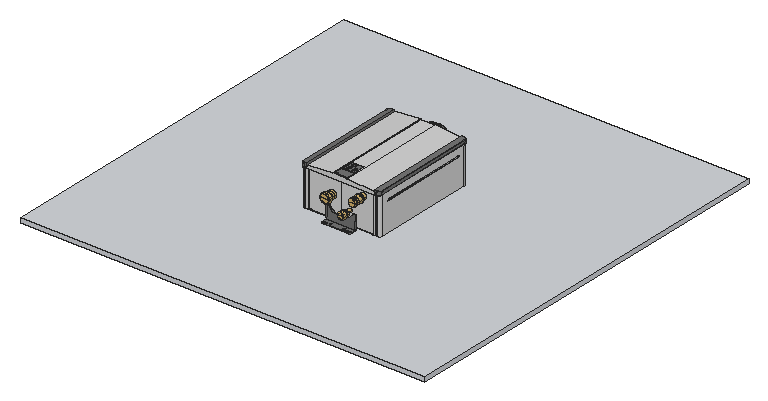
Revit family "Water_Heater-Rinnai-Ultra-Condensing-Tankless-RUC80i", category Mechanical Equipment, host Face, Revit 2012
Parameters (values of type "Standard")
  Width = 18 1/2"  # constant formula
  Wattage = 75 W
  Warranty URL = "https://www.rinnai.us/documentation/downloads/Ultra_Series_Warranty_English.pdf"
  Voltage = 120 V
  Venting = "Direct Vent system 3-4\" configurations"
  Unit = Metal - Rinnai - Aluminum Frame - Painted White
  URL = "https://rinnai.us/"
  Temperature Settings = "98° - 140° F"  # constant formula
  Subcategory = "Tankless Water Heaters"  # constant formula
  Spec Sheet URL = "https://www.rinnai.us/documentation/downloads/RUC80i-SP.pdf"
  Product Page URL = "https://rinnai.us/water-heater/product/ruc80i-reu-kbd2530ffud"
  Natural Gas = yes
  Model = "REU-KBD2530FFUD-US"  # constant formula
  Max Amperage = 8 A
  Manufacturer Phone - Toll Free = "800-621-9419"  # constant formula
  Manufacturer Phone = "800-621-9419"  # constant formula
  Manufacturer Fax = "678-829-1666"  # constant formula
  Manufacturer Email = "mailto:engineering@rinnai.us"
  Manufacturer Address = "103 International Drive, Peachtree City, GA 30269"  # constant formula
  Manufacturer = "Rinnai America Corporation"  # constant formula
  Liquid Propane = yes
  Interference = Glass - Rinnai - Clear - Amber
  Installation URL = "https://www.rinnai.us/documentation/downloads/100000367.pdf"
  Installation Location = "Indoor only"  # constant formula
  Ignition System = "Direct electronic ignition"  # constant formula
  Hot Water Connection = "Hot Water Connector"  # constant formula
  Height = 26"  # constant formula
  Panel = Metal - Rinnai - Aluminum Frame - Painted White
  Gas Supply Pressure Min = "4\" (NG); 8\" (Propane)"
  Gas Supply Pressure Max = "10.5\" (NG); 13.5\" (Propane)"
  Gas Manifold Pressure Low Fire = ".42\" (NG); .47\" (Propane)"
  Gas Manifold Pressure High Fire = "1.8\" (NG); 2.1\" (Propane)"
  Gas Input Rate = 152.0 Btu/h
  Gas Input Range = "15,200 - 152,000 BTU/h"  # constant formula
  Gas Connection = "Gas Connector"  # constant formula
  Frequency = 60 Hz
  Electrical Consumption Range = "Normal: 75 w, Standby: 2 w"  # constant formula
  Dry Weight = 61.70 lbf
  Description = "Tankless Water Heater"  # constant formula
  Depth = 10"  # constant formula
  Default Elevation = 48"
  Combustion Air = "Indoor"  # constant formula
  Combustibles = yes
  Cold Water Connection = "Cold Water Connector"  # constant formula
  Clearance for Top = 6"  # constant formula
  Clearance for Sides = 2"  # constant formula
  Clearance for Ground or Bottom = 12"  # constant formula
  Clearance for Front = 6"  # constant formula
  Cap = Metal - Rinnai - Aluminum - Polished Sliver
  Assembly Code = ""
  Applicable Altitude Range = "0-10,200ft (0-3,109m)"  # constant formula
  95 CSI = ""
  04 CSI = ""
Reference planes (in)
  plane 1 "Center (Front/Back)": y = 0
  plane 2: z = 0
  plane 3 "Center (Left/Right)": x = 0
  plane 4: y = 13
  plane 5: y = -13
  plane 6: x = -9.25
  plane 7: x = 9.25
  plane 8: z = 10.5501
  plane 9: z = 0.5501
  plane 10: y = -12.67027
Forms (in)
  Extrusion 1, solid
    sketch origin (0, 0, 0) x (1, 0, 0) y (0, 1, 0)
      loop
        line (-48, 48) -> (-48, -48) -> (48, -48) -> (48, 48) -> (-48, 48)
    from 0 to -1
  Sweep 2, solid, material "Glass - Rinnai - Clear - Amber" <- "Interference", not visible
    path origin (0, 0, 0) x (1, 0, 0) y (0, 1, 0)
      loop
        line (0, 19) -> (0, -25)
    profile origin (0, -3, 0) x (1, 0, 0) y (0, 0, 1)
      loop
        line (11.25, 16.72205) -> (-11.25, 16.72205) -> (-11.25, 0) -> (11.25, 0) -> (11.25, 16.72205)
Dimensions and locks (in)
  equal spacing: plane 6, plane 3 "Center (Left/Right)", plane 7
  "Width": plane 6 to plane 7
  equal spacing: plane 4, plane 1 "Center (Front/Back)", plane 5
  "Height": plane 4 to plane 5
  locked: level to plane 9 at 0.5501
  "Depth": plane 9 to plane 8
  aligned and locked: plane 2 to Extrusion 1
  aligned and locked: level to Extrusion 1
  aligned and locked: Sweep 2 sketch curve to plane 3 "Center (Left/Right)"
  aligned and locked: Sweep 2 sketch curve to Extrusion 1
  aligned and locked: plane 4 to nested 1
  aligned and locked: nested 1 to plane 2
  aligned and locked: nested 2 to plane 10
Automatic sketch dimensions
  Extrusion 1 sketch curve to Extrusion 1 sketch curve = 96"  (x2)
  plane 4 to Sweep 2 sketch curve = 6"
  plane 5 to Sweep 2 sketch curve = 12"
  profile plane to Sweep 2 sketch curve = 11 1/4"
  Sweep 2 sketch curve to profile plane = 11 1/4"
  Sweep 2 sketch curve to Sweep 2 sketch curve = 16.72205"
Nested families (in)
  nested 1: "Water Heater" at (-0.01433, 0.15, 0.59055), type "RUC80i"
  nested 2: "Pipes" at (0.375, -14.00885, 0), type "Pipes"
Connectors (in)
  piping at (5.07663, -15.93915, 7.82256), driven by "Gas Connection"
    settings: on nested 2, index 1, connector radius 0.8", flow factor 0, pipe flow 0.00 GPM, pressure drop 0.00 psi, fitting loss kfactor 0, connector angle 0.00°, fixture units 0, engagement length 0", flow configuration 0, flow direction 1, fitting loss method 0, system type 7, joint type 0, gender type 0, connector reference index -1, connector utility 1, adjustable connector no, is connector primary yes, fitting loss table "", connector description "Gas Connector"
  piping at (-2.19504, -14.95475, 5.73209), driven by "Cold Water Connection"
    settings: on nested 2, index 2, connector radius 1", flow factor 0, pipe flow 0.00 GPM, pressure drop 0.00 psi, fitting loss kfactor 0, connector angle 0.00°, fixture units 0, engagement length 0", flow configuration 0, flow direction 2, fitting loss method 0, system type 20, joint type 0, gender type 0, connector reference index -1, connector utility 1, adjustable connector no, is connector primary no, fitting loss table "", connector description "Cold Water Connector"
  piping at (2.02329, -15.52897, 3.75493), driven by "Hot Water Connection"
    settings: on nested 2, index 3, connector radius 0.7", flow factor 0, pipe flow 0.00 GPM, pressure drop 0.00 psi, fitting loss kfactor 0, connector angle 0.00°, fixture units 0, engagement length 0", flow configuration 0, flow direction 2, fitting loss method 0, system type 19, joint type 0, gender type 0, connector reference index -1, connector utility 1, adjustable connector no, is connector primary no, fitting loss table "", connector description "Hot Water Connector"
  piping at (-0.02414, 16.39706, 6.6882), driven by "Cold Water Connection"
    settings: on nested 1, index 4, connector radius 2", flow factor 0, pipe flow 0.00 GPM, pressure drop 0.00 psi, fitting loss kfactor 0, connector angle 0.00°, fixture units 0, engagement length 0", flow configuration 0, flow direction 1, fitting loss method 0, system type 20, joint type 0, gender type 0, connector reference index -1, connector utility 1, adjustable connector no, is connector primary no, fitting loss table "", connector description "Cold Water Connector"
Definition of nested family "Water Heater"
  Parameters (values of type "RUC98i")
    Unit = Metal - Rinnai - Aluminum Frame - Painted White
    Door = Metal - Rinnai - Aluminum - Polished Sliver
    Display = Metal - Rinnai - Aluminum Frame - Painted White
    Default Elevation = 48"
    Clamp = Metal - Rinnai - Aluminum Frame - Painted White
  Reference planes (in)
    plane 1 "Center (Front/Back)": y = 0
    plane 2: z = 0
    plane 3 "Center (Left/Right)": x = 0
    plane 4: y = 12.85
    plane 5: x = -9.25
    plane 6: x = 9.25
    plane 7: z = 10.1
    plane 8: z = 8.75945
    plane 9: z = -0.20842
    plane 10: z = 3.97008
    plane 11: x = 4.33
    plane 12: x = 1.17
    plane 13: z = 1.61008
    plane 14: x = -2.89
    plane 15: z = 3.20008
    plane 16: y = 15.52
    plane 17: x = 0
    plane 18: x = 5.09845
    plane 19: z = 7.0748
    plane 20: z = 2.99213
    plane 21: x = 2.10239
    plane 22: z = 5.00787
    plane 23: x = -2.12399
    plane 24: z = -0.59055
    plane 25: z = -0.15205
    plane 26: z = -0.59055
    plane 27: z = 2.71654
    plane 28: x = -3.49407
    plane 29: x = 3.46656
    plane 30: x = -3.49407
    plane 31: x = 3.46656
    plane 32: y = -13.15
    plane 33: z = 9.95876
  Forms (in)
    Extrusion 1, solid, material "Metal - Rinnai - Aluminum Frame - Painted White" <- "Unit", detail levels medium+fine
      sketch origin (0, 0, 0) x (1, 0, 0) y (0, 1, 0)
        loop
          arc (-8.5, 12.72578) -> (-9.03033, 12.50611) -> (-9.25, 11.97578) r 0.75
          line (-9.25, 11.97578) -> (-9.25, -12.07027)
          arc (-9.25, -12.07027) -> (-9.03033, -12.6006) -> (-8.5, -12.82027) r 0.75
          line (-8.5, -12.82027) -> (-7.75409, -12.82027)
          arc (-7.75409, -12.82027) -> (-7.72259, -12.78878) -> (-7.75409, -12.75728) r 0.0315
          line (-7.75409, -12.75728) -> (-8.33874, -12.75728)
          arc (-8.33874, -12.75728) -> (-8.86907, -12.53761) -> (-9.08874, -12.00728) r 0.75
          line (-9.08874, -12.00728) -> (-9.08874, 11.87342)
          arc (-9.08874, 11.87342) -> (-8.86907, 12.40375) -> (-8.33874, 12.62342) r 0.75
          line (-8.33874, 12.62342) -> (8.33874, 12.62342)
          arc (8.33874, 12.62342) -> (8.86907, 12.40375) -> (9.08874, 11.87342) r 0.75
          line (9.08874, 11.87342) -> (9.08874, -12.00728)
          arc (9.08874, -12.00728) -> (8.86907, -12.53761) -> (8.33874, -12.75728) r 0.75
          line (8.33874, -12.75728) -> (7.75409, -12.75728)
          arc (7.75409, -12.75728) -> (7.72259, -12.78878) -> (7.75409, -12.82027) r 0.0315
          line (7.75409, -12.82027) -> (8.5, -12.82027)
          arc (8.5, -12.82027) -> (9.03033, -12.6006) -> (9.25, -12.07027) r 0.75
          line (9.25, -12.07027) -> (9.25, 11.97578)
          arc (9.25, 11.97578) -> (9.03033, 12.50611) -> (8.5, 12.72578) r 0.75
          line (8.5, 12.72578) -> (-8.5, 12.72578)
      from -0.04045 to 8.98484
    Extrusion 2, solid, material "Metal - Rinnai - Aluminum Frame - Painted White" <- "Unit", detail levels medium+fine
      sketch origin (0, 0, 0) x (1, 0, 0) y (0, 1, 0)
        loop
          arc (-7.94561, -12.71791) -> (-7.96958, -12.73044) -> (-7.97296, -12.75728) r 0.02918
          line (-7.97296, -12.75728) -> (0.00974, -12.75728) -> (7.97296, -12.75728)
          arc (7.97296, -12.75728) -> (7.96958, -12.73044) -> (7.94561, -12.71791) r 0.02918
          line (7.94561, -12.71791) -> (-0.00497, -12.71791) -> (-7.94561, -12.71791)
      from 0 to 8.75945
    Sweep 3, solid, material "Metal - Rinnai - Aluminum Frame - Painted White" <- "Unit", detail levels medium+fine
      path origin (-19.30772, -180, -0.04045) x (-1, 0, 0) y (0, -1, 0)
        loop
          line (-27.06181, -167.17973) -> (-27.80772, -167.17973)
          arc (-27.80772, -167.17973) -> (-28.33805, -167.3994) -> (-28.55772, -167.92973) r 0.75
          line (-28.55772, -167.92973) -> (-28.55772, -191.97578)
          arc (-28.55772, -191.97578) -> (-28.33805, -192.50611) -> (-27.80772, -192.72578) r 0.75
          line (-27.80772, -192.72578) -> (-10.80772, -192.72578)
          arc (-10.80772, -192.72578) -> (-10.27739, -192.50611) -> (-10.05772, -191.97578) r 0.75
          line (-10.05772, -191.97578) -> (-10.05772, -167.92973)
          arc (-10.05772, -167.92973) -> (-10.27739, -167.3994) -> (-10.80772, -167.17973) r 0.75
          line (-10.80772, -167.17973) -> (-11.55363, -167.17973)
      profile origin (8.12705, -12.82027, -0.04045) x (0, 1, 0) y (0, 0, 1)
        loop
          arc (0, 0.0315) -> (0.00922, 0.00922) -> (0.0315, 0) r 0.0315
          line (0.0315, 0) -> (0.0315, 0.0315) -> (0, 0.0315)
    Extrusion 4, void, detail levels medium+fine
      sketch origin (0, 0, 0.23337) x (1, 0, 0) y (0, 0, 1)
        loop
          line (9.53125, 10.9934) -> (-9.53125, 10.9934) -> (-9.53125, 8.72022) -> (-8.09256, 8.72022) -> (-8.09256, 9.1595)
          arc (-8.09256, 9.1595) -> (-4.06175, 9.66364) -> (0, 9.72539) r 37.20967
          arc (0, 9.72539) -> (4.06175, 9.66364) -> (8.09256, 9.1595) r 37.20967
          line (8.09256, 9.1595) -> (8.09256, 8.72022) -> (9.53125, 8.72022) -> (9.53125, 10.9934)
      from -15.04938 to 15.10382
    Extrusion 5, solid, material "Metal - Rinnai - Aluminum Frame - Painted White" <- "Display", detail levels medium+fine
      sketch origin (0, 0, 0) x (1, 0, 0) y (0, 1, 0)
        loop
          line (8.58208, 12.85) -> (-8.63521, 12.85)
          arc (-8.63521, 12.85) -> (-9.06993, 12.66993) -> (-9.25, 12.23521) r 0.61479
          line (-9.25, 12.23521) -> (-9.25, -12.55655)
          arc (-9.25, -12.55655) -> (-9.07618, -12.97618) -> (-8.65655, -13.15) r 0.59345
          line (-8.65655, -13.15) -> (8.56688, -13.15)
          arc (8.56688, -13.15) -> (9.04992, -12.94992) -> (9.25, -12.46688) r 0.68312
          line (9.25, -12.46688) -> (9.25, 12.18208)
          arc (9.25, 12.18208) -> (9.05437, 12.65437) -> (8.58208, 12.85) r 0.66792
      from 8.75945 to 10.8032
    Extrusion 6, solid, material "Metal - Rinnai - Aluminum - Polished Sliver" <- "Door", detail levels medium+fine
      sketch origin (0, 0, 0) x (1, 0, 0) y (0, 1, 0)
        loop
          arc (-8.52756, 12.84217) -> (-9.05789, 12.6225) -> (-9.27756, 12.09217) r 0.75
          line (-9.27756, 12.09217) -> (-9.27756, -12.4)
          arc (-9.27756, -12.4) -> (-9.05789, -12.93033) -> (-8.52756, -13.15) r 0.75
          line (-8.52756, -13.15) -> (-8.09256, -13.15) -> (-8.09256, 12.84217) -> (-8.52756, 12.84217)
        loop
          line (8.52756, 12.84217) -> (8.09256, 12.84217) -> (8.09256, -13.15) -> (8.52756, -13.15)
          arc (8.52756, -13.15) -> (9.05789, -12.93033) -> (9.27756, -12.4) r 0.75
          line (9.27756, -12.4) -> (9.27756, 12.09217)
          arc (9.27756, 12.09217) -> (9.05789, 12.6225) -> (8.52756, 12.84217) r 0.75
      from 8.95359 to 9.96783
    Extrusion 7, solid, material "Metal - Rinnai - Aluminum Frame - Painted White" <- "Unit", detail levels coarse
      sketch origin (0, 0, 0) x (1, 0, 0) y (0, 1, 0)
        loop
          line (9.25, -14.56214) -> (9.25, 16.24706) -> (-9.25, 16.24706) -> (-9.25, -14.56214) -> (9.25, -14.56214)
      from -0.59055 to 9.95876
    Extrusion 8, solid, material "Metal - Rinnai - Aluminum Frame - Painted White" <- "Unit", detail levels medium+fine
      sketch origin (0, 0, 0) x (1, 0, 0) y (0, 1, 0)
        loop
          arc (-7.94561, -12.71791) -> (-7.96958, -12.73044) -> (-7.97296, -12.75728) r 0.02918
          line (-7.97296, -12.75728) -> (0.00974, -12.75728) -> (7.97296, -12.75728)
          arc (7.97296, -12.75728) -> (7.96958, -12.73044) -> (7.94561, -12.71791) r 0.02918
          line (7.94561, -12.71791) -> (-0.00497, -12.71791) -> (-7.94561, -12.71791)
      from 0 to 8.75945
    Extrusion 9, void
      sketch origin (0, 0, 0.15514) x (1, 0, 0) y (0, 0, 1)
        loop
          arc (1.60849, 9.74656) -> (1.69001, 9.75729) -> (1.76597, 9.78875) r 0.31496
          line (1.76597, 9.78875) -> (2.03915, 9.94647)
          arc (2.03915, 9.94647) -> (2.1341, 9.9858) -> (2.236, 9.99922) r 0.3937
          line (2.236, 9.99922) -> (2.236, 10.43872) -> (-2.23606, 10.43872) -> (-2.23606, 9.99922)
          arc (-2.23606, 9.99922) -> (-2.13416, 9.9858) -> (-2.0392, 9.94647) r 0.3937
          line (-2.0392, 9.94647) -> (-1.76603, 9.78875)
          arc (-1.76603, 9.78875) -> (-1.69007, 9.75729) -> (-1.60855, 9.74656) r 0.31496
          line (-1.60855, 9.74656) -> (1.60849, 9.74656)
      from -14.53617 to 14.5778
    Extrusion 10, solid, material "Metal - Rinnai - Aluminum Frame - Painted White" <- "Unit", detail levels medium+fine
      sketch origin (0, 0, 0) x (1, 0, 0) y (0, 1, 0)
        loop
          arc (-9.08874, -12.00728) -> (-8.86907, -12.53761) -> (-8.33874, -12.75728) r 0.75
          line (-8.33874, -12.75728) -> (-7.75409, -12.75728) -> (8.33874, -12.75728)
          arc (8.33874, -12.75728) -> (8.86907, -12.53761) -> (9.08874, -12.00728) r 0.75
          line (9.08874, -12.00728) -> (9.08874, 11.87342)
          arc (9.08874, 11.87342) -> (8.86907, 12.40375) -> (8.33874, 12.62342) r 0.75
          line (8.33874, 12.62342) -> (-8.33874, 12.62342)
          arc (-8.33874, 12.62342) -> (-8.86907, 12.40375) -> (-9.08874, 11.87342) r 0.75
          line (-9.08874, 11.87342) -> (-9.08874, -12.00728)
      from -0.01923 to 0
    Revolve 11, void
      sketch origin (9.3125, 0, 0) x (0, 1, 0) y (0, 0, 1)
        loop
          arc (10.67775, 6.82414) -> (10.62581, 6.97256) -> (10.48169, 7.03543) r 0.19661
          line (10.48169, 7.03543) -> (-10.77815, 7.03543)
          arc (-10.77815, 7.03543) -> (-10.92236, 6.97257) -> (-10.97447, 6.82414) r 0.19685
          line (-10.97447, 6.82414) -> (10.67775, 6.82414)
        axis (-10.97447, 6.82414) -> (10.67775, 6.82414)
      angle from 180 to -180
    Revolve 12, void
      sketch origin (-9.3125, 0, 0) x (0, 1, 0) y (0, 0, -1)
        loop
          line (10.67775, -6.82414) -> (-10.97447, -6.82414)
          arc (-10.97447, -6.82414) -> (-10.92236, -6.97257) -> (-10.77815, -7.03543) r 0.19685
          line (-10.77815, -7.03543) -> (10.48169, -7.03543)
          arc (10.48169, -7.03543) -> (10.62581, -6.97256) -> (10.67775, -6.82414) r 0.19661
        axis (-10.97447, -6.82414) -> (10.67775, -6.82414)
      angle from 180 to -180
    Extrusion 13, void
      sketch origin (0, 0, 0) x (1, 0, 0) y (0, 0, 1)
        loop
          line (8.09256, 9.80952) -> (8.09256, 8.95359) -> (9.26381, 8.95359) -> (9.26381, 9.56753)
          arc (9.26381, 9.56753) -> (9.24465, 9.61941) -> (9.19638, 9.64641) r 0.07985
          arc (9.19638, 9.64641) -> (8.64485, 9.73057) -> (8.09256, 9.80952) r 59.05511
        loop
          line (7.89256, 10.28429) -> (7.89256, 8.78484) -> (9.46381, 8.78484) -> (9.46381, 10.28429) -> (7.89256, 10.28429)
        loop
          arc (-8.09256, 9.81284) -> (-8.65523, 9.7325) -> (-9.21711, 9.64675) r 59.05517
          arc (-9.21711, 9.64675) -> (-9.26586, 9.61948) -> (-9.28521, 9.56708) r 0.08065
          line (-9.28521, 9.56708) -> (-9.28521, 8.95359) -> (-8.09256, 8.95359) -> (-8.09256, 9.81284)
        loop
          line (-7.9166, 10.28429) -> (-9.48785, 10.28429) -> (-9.48785, 8.78484) -> (-7.9166, 8.78484) -> (-7.9166, 10.28429)
      from -13.68838 to 17.90298
    Sweep 14, solid, material "Metal - Rinnai - Aluminum - Polished Sliver" <- "Door", detail levels medium+fine
      path origin (-13.16941, 14.83211, 50.52353) x (-1, 0, 0) y (0, 0, 1)
        loop
          circle (-13.15378, -44.53915) r 2.53
      profile origin (-0.01562, 14.83211, 3.45438) x (0, 0, -1) y (0, 1, 0)
        loop
          line (0.37891, -0.23622) -> (0.37891, -0.03937) -> (0.33954, 0) -> (0.16569, 0) -> (0.16569, -0.33502)
          arc (0.16569, -0.33502) -> (0.14814, -0.35064) -> (0.13195, -0.36767) r 0.2815
          arc (0.13195, -0.36767) -> (0.11933, -0.38713) -> (0.11491, -0.4099) r 0.06083
          line (0.11491, -0.4099) -> (0.11491, -1.95032) -> (-1.17806, -1.95032) -> (-1.17806, -0.4879)
          arc (-1.17806, -0.4879) -> (-1.06496, -0.34731) -> (-1.16611, -0.1979) r 0.15183
          line (-1.16611, -0.1979) -> (-0.96822, 0) -> (-1.21033, 0) -> (-1.21033, -1.98252) -> (0.34038, -1.98252)
          arc (0.34038, -1.98252) -> (0.31582, -1.95579) -> (0.30691, -1.9206) r 0.07401
          line (0.30691, -1.9206) -> (0.30691, -1.79773)
          arc (0.30691, -1.79773) -> (0.30167, -1.77782) -> (0.28731, -1.76308) r 0.04042
          line (0.28731, -1.76308) -> (0.1536, -1.68273)
          arc (0.1536, -1.68273) -> (0.1399, -1.66867) -> (0.13491, -1.6497) r 0.03854
          line (0.13491, -1.6497) -> (0.13491, -0.4099)
          arc (0.13491, -0.4099) -> (0.13796, -0.3944) -> (0.14666, -0.38123) r 0.04083
          arc (0.14666, -0.38123) -> (0.15771, -0.36931) -> (0.16948, -0.35809) r 0.2615
          arc (0.16948, -0.35809) -> (0.18137, -0.34116) -> (0.18569, -0.32093) r 0.05188
          line (0.18569, -0.32093) -> (0.18569, -0.23622) -> (0.37891, -0.23622)
    Extrusion 15, solid, material "Metal - Rinnai - Aluminum - Polished Sliver" <- "Door", detail levels medium+fine
      sketch origin (0, 0, 0.5625) x (1, 0, 0) y (0, 0, 1)
        loop
          circle (-0.01562, 5.48437) r 2.76047
      from -14.79274 to -12.85
    Revolve 16, solid, material "Metal - Rinnai - Aluminum - Polished Sliver" <- "Door", detail levels medium+fine
      sketch origin (0, 0, 6.09765) x (1, 0, 0) y (0, 1, 0)
        loop
          line (-1.83176, 16.24706) -> (-1.98816, 16.24706) -> (-1.98816, 14.94785) -> (-2.76607, 14.94785) -> (-2.76607, 14.86911) -> (-2.73103, 14.86911) -> (-2.73103, 14.83211) -> (-1.83176, 14.83211) -> (-1.83176, 16.24706)
        axis (-0.00981, 16.24706) -> (-0.00981, 14.83211)
      angle from 0 to 360
    Revolve 17, solid, material "Metal - Rinnai - Aluminum - Polished Sliver" <- "Door", detail levels medium+fine
      sketch origin (0, 0, 6.125) x (1, 0, 0) y (0, 1, 0)
        loop
          line (-5.91926, 14.07835) -> (-7.98619, 14.07835) -> (-7.98619, 13.99961) -> (-7.89841, 13.99961) -> (-7.89841, 13.01817) -> (-5.91926, 13.01817) -> (-5.91926, 14.07835)
        axis (-5.91926, 14.07835) -> (-5.91926, 13.01817)
      angle from 0 to 360
    Extrusion 18, solid, material "Metal - Rinnai - Aluminum - Polished Sliver" <- "Door", detail levels medium+fine
      sketch origin (0, 0, 0) x (1, 0, 0) y (0, 0, 1)
        loop
          line (-4.80706, 8.4142) -> (-7.03147, 8.4142)
          arc (-7.03147, 8.4142) -> (-7.91535, 8.04808) -> (-8.28147, 7.1642) r 1.25
          line (-8.28147, 7.1642) -> (-8.28147, 4.93979)
          arc (-8.28147, 4.93979) -> (-7.91535, 4.05591) -> (-7.03147, 3.68979) r 1.25
          line (-7.03147, 3.68979) -> (-4.80706, 3.68979)
          arc (-4.80706, 3.68979) -> (-3.92318, 4.05591) -> (-3.55706, 4.93979) r 1.25
          line (-3.55706, 4.93979) -> (-3.55706, 7.1642)
          arc (-3.55706, 7.1642) -> (-3.92318, 8.04808) -> (-4.80706, 8.4142) r 1.25
      from -13.01929 to -12.85
    Extrusion 19, solid, material "Metal - Rinnai - Aluminum - Polished Sliver" <- "Door", detail levels medium+fine
      sketch origin (0, 0, 0) x (1, 0, 0) y (0, 0, 1)
        loop
          arc (-1.21257, 9.00081) -> (-2.45001, 8.48825) -> (-2.96257, 7.25081) r 1.75
          line (-2.96257, 7.25081) -> (-2.96257, 4.8453)
          arc (-2.96257, 4.8453) -> (-2.45001, 3.60786) -> (-1.21257, 3.0953) r 1.75
          line (-1.21257, 3.0953) -> (1.19294, 3.0953)
          arc (1.19294, 3.0953) -> (2.43038, 3.60786) -> (2.94294, 4.8453) r 1.75
          line (2.94294, 4.8453) -> (2.94294, 7.25081)
          arc (2.94294, 7.25081) -> (2.43038, 8.48825) -> (1.19294, 9.00081) r 1.75
          line (1.19294, 9.00081) -> (-1.21257, 9.00081)
      from -13.07589 to -12.85
    Extrusion 20, solid, material "Metal - Rinnai - Aluminum - Polished Sliver" <- "Door", detail levels fine
      sketch origin (0, 0, -0.38213) x (1, 0, 0) y (0, 1, 0)
        loop
          arc (3.16143, -14.56214) -> (3.37644, -14.47309) -> (3.4655, -14.25808) r 0.30406
          line (3.4655, -14.25808) -> (3.4655, -12.96102) -> (-3.49587, -12.96102) -> (-3.49587, -14.26214)
          arc (-3.49587, -14.26214) -> (-3.408, -14.47428) -> (-3.19587, -14.56214) r 0.3
          line (-3.19587, -14.56214) -> (3.16143, -14.56214)
        loop
          circle (-1.59298, -13.97618) r 0.25
        loop
          circle (1.5508, -13.97618) r 0.25
        loop
          line (-2.3676, -14.17829) -> (-2.78179, -14.17829)
          arc (-2.78179, -14.17829) -> (-2.88969, -14.28619) -> (-2.78179, -14.3941) r 0.10791
          line (-2.78179, -14.3941) -> (-2.3676, -14.3941)
          arc (-2.3676, -14.3941) -> (-2.2597, -14.28619) -> (-2.3676, -14.17829) r 0.10791
        loop
          line (2.75077, -14.17829) -> (2.33658, -14.17829)
          arc (2.33658, -14.17829) -> (2.22868, -14.28619) -> (2.33658, -14.3941) r 0.10791
          line (2.33658, -14.3941) -> (2.75077, -14.3941)
          arc (2.75077, -14.3941) -> (2.85867, -14.28619) -> (2.75077, -14.17829) r 0.10791
        loop
          line (-3.27923, -14.1083) -> (-3.27923, -14.18773)
          arc (-3.27923, -14.18773) -> (-3.16209, -14.30487) -> (-3.04495, -14.18773) r 0.11714
          line (-3.04495, -14.18773) -> (-3.04495, -14.1083)
          arc (-3.04495, -14.1083) -> (-3.16209, -13.99116) -> (-3.27923, -14.1083) r 0.11714
        loop
          line (3.01764, -14.1083) -> (3.01764, -14.18773)
          arc (3.01764, -14.18773) -> (3.13478, -14.30487) -> (3.25192, -14.18773) r 0.11714
          line (3.25192, -14.18773) -> (3.25192, -14.1083)
          arc (3.25192, -14.1083) -> (3.13478, -13.99116) -> (3.01764, -14.1083) r 0.11714
      from -0.20842 to -0.15205
    Extrusion 21, solid, material "Metal - Rinnai - Aluminum - Polished Sliver" <- "Door", detail levels fine
      sketch origin (0, 0, -0.38213) x (1, 0, 0) y (0, 0, 1)
        loop
          line (-3.49407, 2.92296) -> (-3.49407, -0.15205) -> (3.46656, -0.15205) -> (3.46656, 2.92867)
          arc (3.46656, 2.92867) -> (3.4351, 3.00463) -> (3.35914, 3.03609) r 0.10742
          line (3.35914, 3.03609) -> (2.88285, 3.03609)
          arc (2.88285, 3.03609) -> (2.78786, 3.01065) -> (2.71831, 2.94112) r 0.19
          arc (2.71831, 2.94112) -> (-0.01202, 1.36468) -> (-2.74289, 2.94019) r 3.15356
          arc (-2.74289, 2.94019) -> (-2.81314, 3.0104) -> (-2.90908, 3.03609) r 0.19195
          line (-2.90908, 3.03609) -> (-3.38094, 3.03609)
          arc (-3.38094, 3.03609) -> (-3.46093, 3.00296) -> (-3.49407, 2.92296) r 0.11313
      from 12.81977 to 12.96102
    Extrusion 22, solid, material "Metal - Rinnai - Aluminum - Polished Sliver" <- "Door", detail levels fine
      sketch origin (0, 0, -0.38213) x (0, 1, 0) y (0, 0, 1)
        loop
          line (-12.89803, 0.24165) -> (-12.89803, 1.71409) -> (-13.05411, 1.71409)
          arc (-13.05411, 1.71409) -> (-13.13862, 1.67908) -> (-13.17362, 1.59457) r 0.11952
          line (-13.17362, 1.59457) -> (-13.17362, 0.36212)
          arc (-13.17362, 0.36212) -> (-13.13834, 0.27693) -> (-13.05315, 0.24165) r 0.12047
          line (-13.05315, 0.24165) -> (-12.89803, 0.24165)
      from 3.46656 to 3.52956
    Extrusion 23, solid, material "Metal - Rinnai - Aluminum - Polished Sliver" <- "Door", detail levels fine
      sketch origin (0, 0, -0.38213) x (0, 1, 0) y (0, 0, 1)
        loop
          line (-12.89803, 0.24165) -> (-12.89803, 2.74304) -> (-13.05362, 2.74304)
          arc (-13.05362, 2.74304) -> (-13.13847, 2.7079) -> (-13.17362, 2.62304) r 0.12
          line (-13.17362, 2.62304) -> (-13.17362, 0.36212)
          arc (-13.17362, 0.36212) -> (-13.13834, 0.27693) -> (-13.05315, 0.24165) r 0.12047
          line (-13.05315, 0.24165) -> (-12.89803, 0.24165)
      from -3.55706 to -3.49407
    Extrusion 24, solid, material "Metal - Rinnai - Aluminum - Polished Sliver" <- "Door", detail levels fine
      sketch origin (0, -0.07813, -0.38213) x (1, 0, 0) y (0, 1, 0)
        loop
          line (3.16143, 14.27598) -> (-3.19587, 14.27598)
          arc (-3.19587, 14.27598) -> (-3.408, 14.18812) -> (-3.49587, 13.97598) r 0.3
          line (-3.49587, 13.97598) -> (-3.49587, 12.80391) -> (3.4655, 12.80391) -> (3.4655, 13.97192)
          arc (3.4655, 13.97192) -> (3.37644, 14.18693) -> (3.16143, 14.27598) r 0.30406
        loop
          circle (-1.59298, 13.69002) r 0.25
        loop
          circle (1.5508, 13.69002) r 0.25
        loop
          arc (-2.3676, 13.89213) -> (-2.2597, 14.00003) -> (-2.3676, 14.10794) r 0.10791
          line (-2.3676, 14.10794) -> (-2.78179, 14.10794)
          arc (-2.78179, 14.10794) -> (-2.88969, 14.00003) -> (-2.78179, 13.89213) r 0.10791
          line (-2.78179, 13.89213) -> (-2.3676, 13.89213)
        loop
          arc (2.75077, 13.89213) -> (2.85867, 14.00003) -> (2.75077, 14.10794) r 0.10791
          line (2.75077, 14.10794) -> (2.33658, 14.10794)
          arc (2.33658, 14.10794) -> (2.22868, 14.00003) -> (2.33658, 13.89213) r 0.10791
          line (2.33658, 13.89213) -> (2.75077, 13.89213)
        loop
          arc (-3.27923, 13.82214) -> (-3.16209, 13.705) -> (-3.04495, 13.82214) r 0.11714
          line (-3.04495, 13.82214) -> (-3.04495, 13.90157)
          arc (-3.04495, 13.90157) -> (-3.16209, 14.01871) -> (-3.27923, 13.90157) r 0.11714
          line (-3.27923, 13.90157) -> (-3.27923, 13.82214)
        loop
          arc (3.01764, 13.82214) -> (3.13478, 13.705) -> (3.25192, 13.82214) r 0.11714
          line (3.25192, 13.82214) -> (3.25192, 13.90157)
          arc (3.25192, 13.90157) -> (3.13478, 14.01871) -> (3.01764, 13.90157) r 0.11714
          line (3.01764, 13.90157) -> (3.01764, 13.82214)
      from -0.20842 to -0.15205
    Extrusion 25, solid, material "Metal - Rinnai - Aluminum - Polished Sliver" <- "Door", detail levels fine
      sketch origin (0, -0.07813, -0.38213) x (1, 0, 0) y (0, 0, -1)
        loop
          arc (-3.49407, -2.92296) -> (-3.46093, -3.00296) -> (-3.38094, -3.03609) r 0.11313
          line (-3.38094, -3.03609) -> (-2.90908, -3.03609)
          arc (-2.90908, -3.03609) -> (-2.81314, -3.0104) -> (-2.74289, -2.94019) r 0.19195
          arc (-2.74289, -2.94019) -> (-0.01202, -1.36468) -> (2.71831, -2.94112) r 3.15356
          arc (2.71831, -2.94112) -> (2.78786, -3.01065) -> (2.88285, -3.03609) r 0.19
          line (2.88285, -3.03609) -> (3.35914, -3.03609)
          arc (3.35914, -3.03609) -> (3.4351, -3.00463) -> (3.46656, -2.92867) r 0.10742
          line (3.46656, -2.92867) -> (3.46656, 0.15205) -> (-3.49407, 0.15205) -> (-3.49407, -2.92296)
      from 12.81977 to 12.96102
    Extrusion 26, solid, material "Metal - Rinnai - Aluminum - Polished Sliver" <- "Door", detail levels fine
      sketch origin (0, -0.07813, -0.38213) x (0, -1, 0) y (0, 0, -1)
        loop
          line (-12.89803, -0.24165) -> (-13.05315, -0.24165)
          arc (-13.05315, -0.24165) -> (-13.13834, -0.27693) -> (-13.17362, -0.36212) r 0.12047
          line (-13.17362, -0.36212) -> (-13.17362, -1.59457)
          arc (-13.17362, -1.59457) -> (-13.13862, -1.67908) -> (-13.05411, -1.71409) r 0.11952
          line (-13.05411, -1.71409) -> (-12.89803, -1.71409) -> (-12.89803, -0.24165)
      from 3.46656 to 3.52956
    Extrusion 27, solid, material "Metal - Rinnai - Aluminum - Polished Sliver" <- "Door", detail levels fine
      sketch origin (0, -0.07813, -0.38213) x (0, -1, 0) y (0, 0, -1)
        loop
          line (-12.89803, -0.24165) -> (-13.05315, -0.24165)
          arc (-13.05315, -0.24165) -> (-13.13834, -0.27693) -> (-13.17362, -0.36212) r 0.12047
          line (-13.17362, -0.36212) -> (-13.17362, -2.62304)
          arc (-13.17362, -2.62304) -> (-13.13847, -2.7079) -> (-13.05362, -2.74304) r 0.12
          line (-13.05362, -2.74304) -> (-12.89803, -2.74304) -> (-12.89803, -0.24165)
      from -3.55706 to -3.49407
    Extrusion 28, solid, material "Metal - Rinnai - Aluminum - Polished Sliver" <- "Door", detail levels fine
      sketch origin (0, 0, -0.19831) x (1, 0, 0) y (0, 1, 0)
        loop
          arc (-1.42723, -10.7438) -> (-1.46966, -10.76138) -> (-1.48723, -10.8038) r 0.06
          line (-1.48723, -10.8038) -> (-1.48723, -12.5588)
          arc (-1.48723, -12.5588) -> (-1.46966, -12.60123) -> (-1.42723, -12.6188) r 0.06
          line (-1.42723, -12.6188) -> (1.55033, -12.6188)
          arc (1.55033, -12.6188) -> (1.59275, -12.60123) -> (1.61033, -12.5588) r 0.06
          line (1.61033, -12.5588) -> (1.61033, -10.8038)
          arc (1.61033, -10.8038) -> (1.59275, -10.76138) -> (1.55033, -10.7438) r 0.06
          line (1.55033, -10.7438) -> (-1.42723, -10.7438)
      from 10.1 to 10.11749
    Extrusion 29, solid, material "Metal - Rinnai - Aluminum - Polished Sliver" <- "Door", detail levels fine
      sketch origin (0.00084, -0.00258, -0.19831) x (1, 0, 0) y (0, 1, 0)
        loop
          line (1.32811, -7.7622) -> (-1.29535, -7.7622)
          arc (-1.29535, -7.7622) -> (-1.33885, -7.78022) -> (-1.35686, -7.82371) r 0.06151
          line (-1.35686, -7.82371) -> (-1.35686, -10.61953)
          arc (-1.35686, -10.61953) -> (-1.33929, -10.66195) -> (-1.29686, -10.67953) r 0.06
          line (-1.29686, -10.67953) -> (1.32811, -10.67953)
          arc (1.32811, -10.67953) -> (1.37054, -10.66195) -> (1.38811, -10.61953) r 0.06
          line (1.38811, -10.61953) -> (1.38811, -7.8222)
          arc (1.38811, -7.8222) -> (1.37054, -7.77978) -> (1.32811, -7.7622) r 0.06
      from 10.1 to 10.11749
    Extrusion 30, solid, material "Metal - Rinnai - Aluminum - Polished Sliver" <- "Door", detail levels fine
      sketch origin (0.00084, -0.00258, -0.19831) x (1, 0, 0) y (0, 1, 0)
        loop
          arc (-0.92066, -8.05945) -> (-0.9456, -8.06978) -> (-0.95593, -8.09472) r 0.03527
          line (-0.95593, -8.09472) -> (-0.95593, -8.55363)
          arc (-0.95593, -8.55363) -> (-0.94421, -8.58191) -> (-0.91593, -8.59363) r 0.04
          line (-0.91593, -8.59363) -> (-0.09049, -8.59363)
          arc (-0.09049, -8.59363) -> (-0.06221, -8.58191) -> (-0.05049, -8.55363) r 0.04
          line (-0.05049, -8.55363) -> (-0.05049, -8.09945)
          arc (-0.05049, -8.09945) -> (-0.06221, -8.07116) -> (-0.09049, -8.05945) r 0.04
          line (-0.09049, -8.05945) -> (-0.92066, -8.05945)
        loop
          circle (-0.62666, -9.44903) r 0.25
        loop
          circle (-0.62666, -10.15775) r 0.25
        loop
          circle (0.68748, -10.15775) r 0.25
        loop
          circle (0.68748, -9.45117) r 0.25
      from 10.11749 to 10.12686
  Cuts and joins
    Extrusion 4, Extrusion 9 cuts Extrusion 5
    Extrusion 13 cuts Extrusion 6
    Revolve 11, Revolve 12 cuts Extrusion 1
    Revolve 11, Revolve 12 cuts Sweep 3
    Revolve 11, Revolve 12 cuts Extrusion 10
    joined: Extrusion 1, Sweep 3, Extrusion 10
  Lines and regions (in)
    Masking region 1, detail levels medium+fine
      outline origin (0, 0, 0) x (1, 0, 0) y (0, 1, 0)
        loop
          line (-1.98816, 16.24706) -> (-1.98816, 14.94785) -> (-2.76607, 14.94785) -> (-2.76607, 14.86911) -> (-2.73103, 14.86911) -> (-2.73103, 14.83211) -> (-2.88516, 14.83211) -> (-2.92453, 14.79274) -> (-2.92453, 14.59589) -> (-2.77584, 14.59589) -> (-2.77584, 13.10285) -> (-2.82252, 13.07589) -> (-2.96257, 13.07589) -> (-2.96257, 12.85) -> (-3.55706, 12.85) -> (-3.55706, 13.01929) -> (-3.94024, 13.01929) -> (-3.94024, 13.99961) -> (-3.85233, 13.99961) -> (-3.85233, 14.07835) -> (-7.98619, 14.07835) -> (-7.98619, 13.99961) -> (-7.89841, 13.99961) -> (-7.89841, 13.01817) -> (-8.28664, 13.01817) -> (-8.28664, 12.84217) -> (-8.52756, 12.84217)
          arc (-8.52756, 12.84217) -> (-9.00467, 12.67084) -> (-9.26381, 12.23514) r 0.75
          line (-9.26381, 12.23514) -> (-9.26381, -12.54296)
          arc (-9.26381, -12.54296) -> (-9.00467, -12.97867) -> (-8.52756, -13.15) r 0.75
          line (-8.52756, -13.15) -> (8.52756, -13.15)
          arc (8.52756, -13.15) -> (9.00467, -12.97867) -> (9.26381, -12.54296) r 0.75
          line (9.26381, -12.54296) -> (9.26381, 12.16566)
          arc (9.26381, 12.16566) -> (9.06337, 12.64956) -> (8.57946, 12.85) r 0.68434
          line (8.57946, 12.85) -> (2.94304, 12.85) -> (2.94304, 13.07589) -> (2.79127, 13.07589) -> (2.74459, 13.10285) -> (2.74459, 14.59589) -> (2.89328, 14.59589) -> (2.89328, 14.79274) -> (2.85391, 14.83211) -> (2.7115, 14.83211) -> (2.7115, 14.86911) -> (2.74654, 14.86911) -> (2.74654, 14.94785) -> (1.96863, 14.94785) -> (1.96863, 16.24706) -> (-1.98816, 16.24706)
    Masking region 2, detail levels coarse
      outline origin (0, 0, 0) x (1, 0, 0) y (0, 0, 1)
        loop
          line (9.25, 9.95876) -> (-9.25, 9.95876) -> (-9.25, -0.59055) -> (9.25, -0.59055) -> (9.25, 9.95876)
    Masking region 3, detail levels medium+fine
      outline origin (0, 0, 0) x (1, 0, 0) y (0, 0, 1)
        loop
          line (8.09256, 9.80952) -> (8.09256, 9.39287)
          arc (8.09256, 9.39287) -> (4.97809, 9.82155) -> (1.83855, 9.98579) r 37.20967
          line (1.83855, 9.98579) -> (1.76597, 9.94389)
          arc (1.76597, 9.94389) -> (1.69001, 9.91242) -> (1.60849, 9.90169) r 0.31496
          line (1.60849, 9.90169) -> (-1.60849, 9.90169)
          arc (-1.60849, 9.90169) -> (-1.69001, 9.91242) -> (-1.76597, 9.94389) r 0.31496
          line (-1.76597, 9.94389) -> (-1.83855, 9.98579)
          arc (-1.83855, 9.98579) -> (-4.97809, 9.82155) -> (-8.09256, 9.39287) r 37.20967
          line (-8.09256, 9.39287) -> (-8.09256, 9.80952)
          arc (-8.09256, 9.80952) -> (-8.64485, 9.73057) -> (-9.19638, 9.64641) r 59.05511
          arc (-9.19638, 9.64641) -> (-9.24465, 9.61941) -> (-9.26381, 9.56753) r 0.07985
          line (-9.26381, 9.56753) -> (-9.26381, 8.98484) -> (-8.72984, 8.98484) -> (-8.78397, 8.95359) -> (-9.25, 8.95359) -> (-9.25, -0.04045) -> (-3.55706, -0.04045) -> (-3.55706, -0.14048) -> (-3.49407, -0.14048) -> (-3.49407, -0.5884) -> (3.46744, -0.5884) -> (3.46744, -0.14019) -> (3.52876, -0.14019) -> (3.52876, -0.04046) -> (9.25046, -0.04046) -> (9.25046, 8.95359) -> (8.78397, 8.95359) -> (8.72984, 8.98484) -> (9.26381, 8.98484) -> (9.26381, 9.56753)
          arc (9.26381, 9.56753) -> (9.24465, 9.61941) -> (9.19638, 9.64641) r 0.07985
          arc (9.19638, 9.64641) -> (8.64485, 9.73057) -> (8.09256, 9.80952) r 59.05511
    Masking region 4, detail levels coarse
      outline origin (0, 0, 0) x (0, 1, 0) y (0, 0, 1)
        loop
          line (16.24706, 9.95876) -> (-14.56214, 9.95876) -> (-14.56214, -0.59055) -> (16.24706, -0.59055) -> (16.24706, 9.95876)
    Masking region 5, detail levels medium+fine
      outline origin (0, 0, 0) x (0, 1, 0) y (0, 0, 1)
        loop
          line (-13.55116, 9.95876) -> (-13.55116, 8.75945) -> (-12.81978, 8.75945) -> (-12.81978, -0.04124) -> (12.72712, -0.04124) -> (12.72712, 3.0953) -> (13.07589, 3.0953) -> (13.07589, 3.17619) -> (13.14382, 3.28489) -> (14.47402, 3.28489) -> (14.51118, 3.26869) -> (14.59589, 3.26869) -> (14.59589, 3.07547) -> (14.79274, 3.07547) -> (14.83211, 3.11484) -> (14.83211, 3.37643) -> (14.86911, 3.37643) -> (14.86911, 3.34139) -> (14.94785, 3.34139) -> (14.94785, 4.1193) -> (16.24706, 4.1193) -> (16.24706, 8.07599) -> (14.94785, 8.07599) -> (14.94785, 8.85391) -> (14.86911, 8.85391) -> (14.86911, 8.81886) -> (14.83211, 8.81886) -> (14.83211, 8.85391) -> (14.79274, 8.89328) -> (14.59589, 8.89328) -> (14.59589, 8.80762) -> (13.07589, 8.80762) -> (13.07589, 9.00081) -> (12.85, 9.00081) -> (12.85, 9.95876) -> (-13.55116, 9.95876)
    Masking region 6, detail levels coarse
      outline origin (0, 0, 0) x (1, 0, 0) y (0, 1, 0)
        loop
          line (9.25, 16.24706) -> (-9.25, 16.24706) -> (-9.25, -14.56214) -> (9.25, -14.56214) -> (9.25, 16.24706)
    symbolic lines, style "Water Heater", detail levels medium+fine
      curve 1: line (-8.33583, -13.15, 0) -> (-8.33583, 12.84217, 0)
      curve 2: line (8.33583, 12.84217, 0) -> (8.33583, -13.15, 0)
      curve 3: line (-2.23606, 12.85, 0) -> (-2.23606, -13.15, 0)
      curve 4: line (2.236, -13.15, 0) -> (2.236, 12.85, 0)
      curve 5: line (-7.89841, 13.99961, 0) -> (-3.94012, 13.99961, 0)
      curve 6: line (-7.89841, 13.01817, 0) -> (-3.94012, 13.01817, 0)
      curve 7: line (-1.98816, 14.94785, 0) -> (1.96853, 14.94785, 0)
      curve 8: line (-2.73103, 14.86911, 0) -> (2.7114, 14.86911, 0)
      curve 9: line (-2.73103, 14.83211, 0) -> (2.7114, 14.83211, 0)
      curve 10: line (-2.92453, 14.79274, 0) -> (2.89328, 14.79274, 0)
      curve 11: line (-2.78, 14.59589, 0) -> (2.74306, 14.59589, 0)
      curve 12: line (-2.81917, 13.07589, 0) -> (2.78816, 13.07589, 0)
      curve 13: line (-3.55706, 12.85, 0) -> (2.94294, 12.85, 0)
      curve 67: line (-8.72955, 0, 8.98501) -> (-8.09256, 0, 9.35278)
      curve 68: arc (-8.09256, 0, 9.50437) -> (-8.15825, 0, 9.55133) -> (-8.22104, 0, 9.60208) r 1.36561
      curve 69: arc (-8.22104, 0, 9.60208) -> (-8.24504, 0, 9.63988) -> (-8.24389, 0, 9.68465) r 0.07682
      curve 70: arc (-8.24389, 0, 9.68465) -> (-8.1703, 0, 9.6231) -> (-8.09256, 0, 9.56687) r 1.36561
      curve 71: line (-8.09256, 0, 9.35278) -> (-8.09256, 0, 9.56687)
      curve 72: arc (8.27098, 0, 9.70963) -> (8.2813, 0, 9.67474) -> (8.26549, 0, 9.64196) r 0.05052
      curve 73: line (8.09256, 0, 9.56687) -> (8.09256, 0, 9.35278)
      curve 74: line (8.09256, 0, 9.35278) -> (8.72984, 0, 8.98484)
      curve 75: arc (8.26549, 0, 9.64196) -> (8.18181, 0, 9.56966) -> (8.09256, 0, 9.50437) r 1.36561
      curve 76: arc (8.09256, 0, 9.56687) -> (8.18476, 0, 9.63451) -> (8.27098, 0, 9.70963) r 1.36561
      curve 77: line (-9.25, 0, 8.75945) -> (9.25, 0, 8.75945)
      curve 78: line (-7.72433, 0, 8.75945) -> (-7.72433, 0, -0.04045)
      curve 79: line (7.72206, 0, 8.75945) -> (7.72206, 0, -0.04045)
      curve 100: line (0, 14.94785, 8.07599) -> (0, 14.94785, 4.1193)
      curve 101: line (0, 14.86911, 8.81886) -> (0, 14.86911, 3.34139)
      curve 102: line (0, 14.83211, 3.37643) -> (0, 14.83211, 8.81886)
      curve 103: line (0, 14.79274, 8.89328) -> (0, 14.79274, 3.07547)
      curve 104: line (0, 14.59589, 8.81886) -> (0, 14.59589, 3.26869)
      curve 105: line (0, 14.07835, 6.125) -> (0, 14.07835, 4.05807)
      curve 106: line (0, 13.99961, 6.125) -> (0, 13.99961, 4.05807)
      curve 107: line (0, 14.07835, 4.05807) -> (0, 13.99961, 4.05807)
      curve 108: line (0, 13.99961, 4.1478) -> (0, 13.01929, 4.1478)
      curve 109: line (0, 14.07835, 8.19193) -> (0, 14.07835, 6.125)
      curve 110: line (0, 13.99961, 8.19193) -> (0, 13.99961, 6.125)
      curve 111: line (0, 14.07835, 8.19193) -> (0, 13.99961, 8.19193)
      curve 112: line (0, 13.99961, 8.10444) -> (0, 13.01929, 8.10444)
      curve 113: line (0, 13.07589, 8.81886) -> (0, 13.07589, 8.10444)
      curve 114: line (0, 12.85, 8.4142) -> (0, 13.01929, 8.4142)
      curve 115: line (0, 13.01929, 8.4142) -> (0, 13.01929, 3.68979)
      curve 116: line (0, 13.01929, 3.68979) -> (0, 12.85, 3.68979)
      curve 117: line (0, 13.07589, 4.1478) -> (0, 13.07589, 3.17448)
      curve 118: line (0, 12.85, 3.0953) -> (0, 12.85, 8.75945)
      curve 147: line (0, -13.55116, 8.75945) -> (0, 12.85, 8.75945)
    symbolic lines, style "Water Heater", detail levels fine
      curve 14: line (1.55033, -10.7438, 0) -> (-1.42723, -10.7438, 0)
      curve 15: arc (-1.42723, -10.7438, 0) -> (-1.46966, -10.76138, 0) -> (-1.48723, -10.8038, 0) r 0.06
      curve 16: line (-1.48723, -10.8038, 0) -> (-1.48723, -12.5588, 0)
      curve 17: arc (-1.48723, -12.5588, 0) -> (-1.46966, -12.60123, 0) -> (-1.42723, -12.6188, 0) r 0.06
      curve 18: line (-1.42723, -12.6188, 0) -> (1.55033, -12.6188, 0)
      curve 19: arc (1.55033, -12.6188, 0) -> (1.59275, -12.60123, 0) -> (1.61033, -12.5588, 0) r 0.06
      curve 20: line (1.61033, -12.5588, 0) -> (1.61033, -10.8038, 0)
      curve 21: arc (1.61033, -10.8038, 0) -> (1.59275, -10.76138, 0) -> (1.55033, -10.7438, 0) r 0.06
      curve 22: line (-3.19587, -14.56214, 0) -> (3.16143, -14.56214, 0)
      curve 23: arc (-3.49587, -14.26214, 0) -> (-3.408, -14.47428, 0) -> (-3.19587, -14.56214, 0) r 0.3
      curve 24: line (-3.49587, -13.13485, 0) -> (-3.49587, -14.26214, 0)
      curve 25: line (3.4655, -14.25808, 0) -> (3.4655, -13.14798, 0)
      curve 26: arc (-3.27923, -14.1083, 0) -> (-3.16209, -13.99116, 0) -> (-3.04495, -14.1083, 0) r 0.11714
      curve 27: line (-3.27923, -14.18773, 0) -> (-3.27923, -14.1083, 0)
      curve 28: arc (-3.04495, -14.18773, 0) -> (-3.16209, -14.30487, 0) -> (-3.27923, -14.18773, 0) r 0.11714
      curve 29: line (-3.04495, -14.1083, 0) -> (-3.04495, -14.18773, 0)
      curve 30: line (-2.78179, -14.17829, 0) -> (-2.3676, -14.17829, 0)
      curve 31: arc (-2.78179, -14.3941, 0) -> (-2.88969, -14.28619, 0) -> (-2.78179, -14.17829, 0) r 0.10791
      curve 32: line (-2.3676, -14.3941, 0) -> (-2.78179, -14.3941, 0)
      curve 33: arc (-2.3676, -14.17829, 0) -> (-2.2597, -14.28619, 0) -> (-2.3676, -14.3941, 0) r 0.10791
      curve 34: circle (-1.59298, -13.97618, 0) r 0.25 normal (0, 0, -1)
      curve 35: circle (1.5508, -13.97618, 0) r 0.25 normal (0, 0, -1)
      curve 36: line (2.33658, -14.17829, 0) -> (2.75077, -14.17829, 0)
      curve 37: arc (2.33658, -14.3941, 0) -> (2.22868, -14.28619, 0) -> (2.33658, -14.17829, 0) r 0.10791
      curve 38: line (2.75077, -14.3941, 0) -> (2.33658, -14.3941, 0)
      curve 39: arc (2.75077, -14.17829, 0) -> (2.85867, -14.28619, 0) -> (2.75077, -14.3941, 0) r 0.10791
      curve 40: arc (3.25192, -14.18773, 0) -> (3.13478, -14.30487, 0) -> (3.01764, -14.18773, 0) r 0.11714
      curve 41: arc (3.01764, -14.1083, 0) -> (3.13478, -13.99116, 0) -> (3.25192, -14.1083, 0) r 0.11714
      curve 42: line (3.01764, -14.18773, 0) -> (3.01764, -14.1083, 0)
      curve 43: line (3.25192, -14.1083, 0) -> (3.25192, -14.18773, 0)
      curve 44: line (-3.19587, 14.19786, 0) -> (-2.7764, 14.19786, 0)
      curve 45: arc (-3.19587, 14.19786, 0) -> (-3.408, 14.10999, 0) -> (-3.49587, 13.89786, 0) r 0.3
      curve 46: line (-3.49587, 13.89786, 0) -> (-3.49587, 12.85, 0)
      curve 47: line (-3.55706, 13.0955, 0) -> (-3.49587, 13.0955, 0)
      curve 48: line (-3.55706, 13.0955, 0) -> (-3.55706, 13.01929, 0)
      curve 49: line (-3.49587, 12.8829, 0) -> (-2.96052, 12.8829, 0)
      curve 50: arc (-3.27923, 13.82345, 0) -> (-3.16209, 13.94059, 0) -> (-3.04495, 13.82345, 0) r 0.11714
      curve 51: arc (-3.04495, 13.74402, 0) -> (-3.16209, 13.62688, 0) -> (-3.27923, 13.74402, 0) r 0.11714
      curve 52: line (-3.27923, 13.74402, 0) -> (-3.27923, 13.82345, 0)
      curve 53: line (-3.04495, 13.82345, 0) -> (-3.04495, 13.74402, 0)
      curve 54: arc (-2.78179, 13.814, 0) -> (-2.88969, 13.92191, 0) -> (-2.78179, 14.02981, 0) r 0.10791
      curve 55: line (2.74306, 14.19786, 0) -> (3.16143, 14.19786, 0)
      curve 56: arc (3.4655, 13.8938, 0) -> (3.37644, 14.1088, 0) -> (3.16143, 14.19786, 0) r 0.30406
      curve 57: line (3.4655, 12.85, 0) -> (3.4655, 13.8938, 0)
      curve 58: line (3.52956, 12.85, 0) -> (3.52956, 13.0955, 0)
      curve 59: line (3.4655, 12.8829, 0) -> (2.94294, 12.8829, 0)
      curve 60: line (3.52956, 13.0955, 0) -> (3.4655, 13.0955, 0)
      curve 61: arc (3.01764, 13.82345, 0) -> (3.13478, 13.94059, 0) -> (3.25192, 13.82345, 0) r 0.11714
      curve 62: line (3.01764, 13.74402, 0) -> (3.01764, 13.82345, 0)
      curve 63: arc (3.25192, 13.74402, 0) -> (3.13478, 13.62688, 0) -> (3.01764, 13.74402, 0) r 0.11714
      curve 64: line (3.25192, 13.82345, 0) -> (3.25192, 13.74402, 0)
      curve 65: arc (2.75077, 14.02981, 0) -> (2.85867, 13.92191, 0) -> (2.75077, 13.814, 0) r 0.10791
      curve 66: arc (3.16143, -14.56214, 0) -> (3.37644, -14.47309, 0) -> (3.4655, -14.25808, 0) r 0.30406
      curve 80: arc (2.71831, 0, 2.55899) -> (-0.01202, 0, 0.98255) -> (-2.74289, 0, 2.55806) r 3.15356
      curve 81: line (-2.90908, 0, 2.65397) -> (-3.38094, 0, 2.65397)
      curve 82: arc (-2.74289, 0, 2.55806) -> (-2.81314, 0, 2.62827) -> (-2.90908, 0, 2.65397) r 0.19195
      curve 83: arc (-3.38094, 0, 2.65397) -> (-3.46093, 0, 2.62083) -> (-3.49407, 0, 2.54083) r 0.11313
      curve 84: line (-3.49407, 0, 2.54083) -> (-3.49407, 0, -0.53418)
      curve 85: line (3.46656, 0, -0.53418) -> (-3.49407, 0, -0.53418)
      curve 86: line (-3.55706, 0, 2.36092) -> (-3.55706, 0, -0.0398)
      curve 87: arc (2.88285, 0, 2.65397) -> (2.78786, 0, 2.62852) -> (2.71831, 0, 2.55899) r 0.19
      curve 88: line (3.35914, 0, 2.65397) -> (2.88285, 0, 2.65397)
      curve 89: arc (3.46656, 0, 2.54654) -> (3.4351, 0, 2.6225) -> (3.35914, 0, 2.65397) r 0.10742
      curve 90: line (3.46656, 0, -0.53418) -> (3.46656, 0, 2.54654)
      curve 91: line (-3.55706, 0, 2.36092) -> (-3.49407, 0, 2.36092)
      curve 92: line (3.46656, 0, 1.33196) -> (3.52956, 0, 1.33196)
      curve 93: line (3.52956, 0, -0.04045) -> (3.52956, 0, 1.33196)
      curve 95: line (0, -13.55116, 8.75945) -> (0, 12.85, 8.75945)
      curve 96: line (0, -10.79362, 6.6223) -> (0, 10.49723, 6.6223)
      curve 97: line (0, 10.49722, 7.02598) -> (0, -10.79361, 7.02598)
      curve 98: arc (0, 10.49723, 6.6223) -> (0, 10.67482, 6.82414) -> (0, 10.49722, 7.02598) r 0.20349
      curve 99: arc (0, -10.79361, 7.02598) -> (0, -10.97143, 6.82414) -> (0, -10.79362, 6.6223) r 0.20346
      curve 119: line (0, 13.0955, -0.02001) -> (0, 13.0955, 2.24092)
      curve 120: arc (0, 13.0955, 2.24092) -> (0, 13.06035, 2.32577) -> (0, 12.9755, 2.36092) r 0.12
      curve 121: line (0, 12.9755, 2.36092) -> (0, 12.81991, 2.36092)
      curve 122: line (0, 12.81991, 2.36092) -> (0, 12.81991, -0.14048)
      curve 123: line (0, 12.74164, 2.65397) -> (0, 12.74164, -0.53418)
      curve 124: line (0, 12.74164, 2.65397) -> (0, 12.8829, 2.65397)
      curve 125: line (0, 12.8829, 2.65397) -> (0, 12.8829, 2.36092)
      curve 126: arc (0, 12.97503, -0.14048) -> (0, 13.06021, -0.1052) -> (0, 13.0955, -0.02001) r 0.12047
      curve 127: line (0, 12.81991, -0.14048) -> (0, 12.97503, -0.14048)
      curve 128: line (0, 12.8829, -0.14048) -> (0, 12.8829, -0.53418)
      curve 129: line (0, 14.19786, -0.53418) -> (0, 12.72578, -0.53418)
      curve 130: line (0, 12.72578, -0.59055) -> (0, 14.19786, -0.59055)
      curve 131: line (0, 12.72578, -0.53418) -> (0, 12.72578, -0.59055)
      curve 132: line (0, 14.19786, -0.53418) -> (0, 14.19786, -0.59055)
      curve 133: line (0, -13.17362, 2.24092) -> (0, -13.17362, -0.02001)
      curve 134: arc (0, -13.05362, 2.36092) -> (0, -13.13847, 2.32577) -> (0, -13.17362, 2.24092) r 0.12
      curve 135: line (0, -12.89803, 2.36092) -> (0, -13.05362, 2.36092)
      curve 136: line (0, -12.89803, -0.14048) -> (0, -12.89803, 2.36092)
      curve 137: line (0, -12.81977, 2.65397) -> (0, -12.96102, 2.65397)
      curve 138: line (0, -12.96102, 2.65397) -> (0, -12.96102, 2.36092)
      curve 139: arc (0, -13.17362, -0.02001) -> (0, -13.13834, -0.1052) -> (0, -13.05315, -0.14048) r 0.12047
      curve 140: line (0, -13.05315, -0.14048) -> (0, -12.89803, -0.14048)
      curve 141: line (0, -12.82027, -0.53418) -> (0, -14.27598, -0.53418)
      curve 142: line (0, -12.85, -0.59055) -> (0, -12.85, -0.53418)
      curve 143: line (0, -14.27598, -0.59055) -> (0, -12.85, -0.59055)
      curve 144: line (0, -14.27598, -0.53418) -> (0, -14.27598, -0.59055)
      curve 145: line (0, -12.82027, -0.04045) -> (0, -12.82027, -0.53418)
      curve 146: line (0, -12.96102, -0.14048) -> (0, -12.96102, -0.53418)
      curve 148: line (1.61033, 0, 9.92855) -> (-1.48723, 0, 9.92855)
      curve 149: line (-1.48723, 0, 9.90169) -> (1.61033, 0, 9.90169)
      curve 150: line (-1.48723, 0, 9.90169) -> (-1.48723, 0, 9.92855)
      curve 151: line (1.61033, 0, 9.90169) -> (1.61033, 0, 9.92855)
      curve 152: line (1.32896, -7.76478, 0) -> (-1.29451, -7.76478, 0)
      curve 153: arc (-1.29451, -7.76478, 0) -> (-1.338, -7.7828, 0) -> (-1.35602, -7.82629, 0) r 0.06151
      curve 154: line (-1.35602, -7.82629, 0) -> (-1.35602, -10.6221, 0)
      curve 155: arc (-1.35602, -10.6221, 0) -> (-1.33845, -10.66453, 0) -> (-1.29602, -10.6821, 0) r 0.06
      curve 156: line (-1.29602, -10.6821, 0) -> (1.32896, -10.6821, 0)
      curve 157: arc (1.32896, -10.6821, 0) -> (1.37138, -10.66453, 0) -> (1.38896, -10.6221, 0) r 0.06
      curve 158: line (1.38896, -10.6221, 0) -> (1.38896, -7.82478, 0)
      curve 159: arc (1.38896, -7.82478, 0) -> (1.37138, -7.78235, 0) -> (1.32896, -7.76478, 0) r 0.06
      curve 160: line (-0.08965, -8.06202, 0) -> (-0.91981, -8.06202, 0)
      curve 161: arc (-0.91981, -8.06202, 0) -> (-0.94475, -8.07235, 0) -> (-0.95508, -8.09729, 0) r 0.03527
      curve 162: line (-0.95508, -8.09729, 0) -> (-0.95508, -8.5562, 0)
      curve 163: arc (-0.04965, -8.10202, 0) -> (-0.06136, -8.07374, 0) -> (-0.08965, -8.06202, 0) r 0.04
      curve 164: line (-0.04965, -8.5562, 0) -> (-0.04965, -8.10202, 0)
      curve 165: line (-0.91508, -8.5962, 0) -> (-0.08965, -8.5962, 0)
      curve 166: arc (-0.95508, -8.5562, 0) -> (-0.94337, -8.58449, 0) -> (-0.91508, -8.5962, 0) r 0.04
      curve 167: arc (-0.08965, -8.5962, 0) -> (-0.06136, -8.58449, 0) -> (-0.04965, -8.5562, 0) r 0.04
      curve 168: arc (-0.87582, -9.45161, 0) -> (-0.62582, -9.70161, 0) -> (-0.37582, -9.45161, 0) r 0.25
      curve 169: arc (-0.37582, -9.45161, 0) -> (-0.62582, -9.20161, 0) -> (-0.87582, -9.45161, 0) r 0.25
      curve 170: arc (-0.37582, -10.16032, 0) -> (-0.62582, -9.91032, 0) -> (-0.87582, -10.16032, 0) r 0.25
      curve 171: arc (-0.87582, -10.16032, 0) -> (-0.62582, -10.41032, 0) -> (-0.37582, -10.16032, 0) r 0.25
      curve 172: arc (0.43832, -10.16032, 0) -> (0.68832, -10.41032, 0) -> (0.93832, -10.16032, 0) r 0.25
      curve 173: arc (0.93832, -10.16032, 0) -> (0.68832, -9.91032, 0) -> (0.43832, -10.16032, 0) r 0.25
      curve 174: arc (0.43832, -9.45375, 0) -> (0.68832, -9.70375, 0) -> (0.93832, -9.45375, 0) r 0.25
      curve 175: arc (0.93832, -9.45375, 0) -> (0.68832, -9.20375, 0) -> (0.43832, -9.45375, 0) r 0.25
    model lines, style "Water Heater", detail levels fine
      curve 94: spline (0, 12.83173, 8.95359) -> (0, 12.83464, 8.96066) -> (0, 12.83731, 8.96774) -> (0, 12.83972, 8.97485) -> (0, 12.84187, 8.98198) -> (0, 12.84378, 8.98913) -> (0, 12.84543, 8.99629) -> (0, 12.84683, 9.00347) -> (0, 12.84797, 9.01066) -> (0, 12.84886, 9.01786) -> (0, 12.8495, 9.02506) -> (0, 12.84988, 9.03227) -> (0, 12.85, 9.03948)
  Dimensions and locks (in)
    equal spacing: plane 5, plane 3 "Center (Left/Right)", plane 6
    plane 5 to plane 6 = 18 1/2"
    plane 11 to plane 3 "Center (Left/Right)" = 4.33"
    plane 3 "Center (Left/Right)" to plane 12 = 1.17"
    plane 3 "Center (Left/Right)" to plane 14 = 2.89"
    locked: plane 16 to plane 4 at 2.67
    Extrusion 4 sketch curve to plane 7 = 1.12678"
    equal spacing: Extrusion 4 sketch curve, plane 7, Extrusion 4 sketch curve
    plane 5 to Extrusion 5 sketch curve = 0"
    Extrusion 5 sketch curve to plane 6 = 0"
    locked: plane 24 to level at 0.59055
    plane 4 to plane 32 = 26"
    plane 33 to Masking region 5 = 10"
    aligned and locked: plane 2 to level
    aligned and locked: Extrusion 7 sketch curve to plane 6
    aligned and locked: Extrusion 15 to plane 4
  Automatic sketch dimensions
    plane 24 to curve 143 = 0"
    curve 95 to plane 8 = 0"
    plane 24 to curve 130 = 0"
    curve 142 to curve 141 = 0.02973"
    curve 146 to plane 25 = 0.01157"
    curve 146 to curve 136 = 0.06299"
    curve 138 to curve 135 = 0.06299"
    curve 140 to curve 146 = 0.09213"
    curve 135 to curve 138 = 0.0926"
    curve 139 to level = 0.02001"
    curve 95 to curve 147 = 0"
    curve 141 to plane 24 = 0.05637"
    curve 141 to curve 133 = 1.10236"
    plane 19 to curve 96 = 0.4525"
    plane 19 to curve 99 = 0.04883"
    curve 99 to curve 99 = 0"
    curve 97 to curve 99 = 0.02564"
    curve 98 to plane 16 = 5.04867"
    curve 98 to curve 98 = 0.02589"
    curve 98 to curve 98 = 0.0259"
    plane 8 to curve 94 = 0.27991"
    curve 97 to curve 94 = 1.53837"
    curve 129 to plane 24 = 0.05637"
    curve 129 to plane 4 = 0.12422"
    plane 27 to curve 124 = 0.06257"
    curve 124 to plane 4 = 0.10836"
    curve 123 to curve 121 = 0.07826"
    curve 94 to curve 94 = 0.79614"
    curve 116 to plane 10 = 0.28029"
    curve 123 to curve 116 = 0.10836"
    curve 94 to curve 94 = 0.01827"
    curve 94 to curve 94 = 0"
    curve 128 to plane 25 = 0.01157"
    curve 122 to curve 128 = 0.06299"
    curve 121 to curve 125 = 0.06299"
    curve 126 to level = 0.02001"
    plane 4 to curve 126 = 0.12503"
    curve 125 to curve 120 = 0.0926"
    curve 116 to curve 115 = 0.16929"
    plane 8 to curve 113 = 0.05941"
    curve 95 to curve 113 = 0.22589"
    curve 117 to plane 15 = 0.0256"
    curve 118 to curve 117 = 0.22589"
    curve 113 to curve 112 = 0.92371"
    curve 106 to curve 109 = 0.07874"
    curve 119 to curve 130 = 1.10236"
    plane 15 to curve 104 = 0.0686"
    curve 104 to plane 16 = 0.92411"
    curve 104 to curve 103 = 0.19685"
    curve 103 to curve 102 = 0.03937"
    curve 102 to curve 101 = 0.037"
    curve 100 to plane 16 = 0.57215"
    curve 145 to level = 0.04045"
    plane 27 to curve 134 = 0.47562"
    curve 119 to curve 124 = 0.41305"
